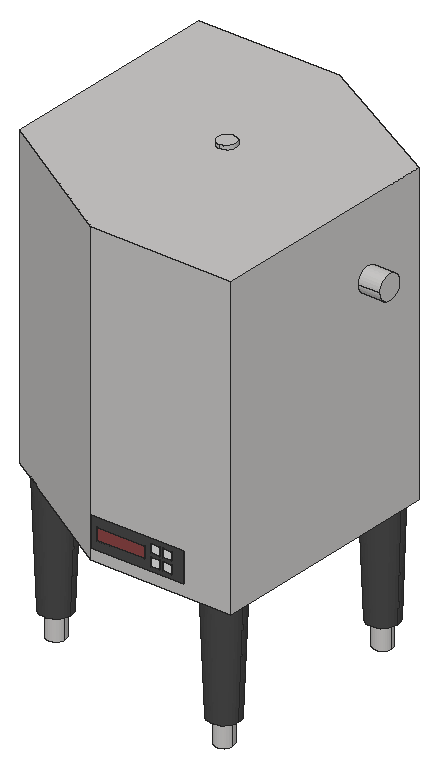
Revit family "QF_Hubbell_J3_cat", category Specialty Equipment, Revit 2012
Parameters (values of type "Requires Type Catalog QF_Hubbell_J4_cat.txt")
  Width = 0' - 11 3/4"
  Weight in Pounds = 95
  Watts = 1000 W
  Watermarked By = "http://revitwatermark.com"
  Volts = 120 V
  URL Cutsheet = ""
  URL = "www.hubbellheaters.com"
  Status [instance] = ""
  Specification by User [instance] = ""
  Specification by Manufacturer [instance] = ""
  Serial Number [instance] = ""
  Revision Code [instance] = ""
  Plumbing Remarks [instance] = ""
  Plumbing Connection Type [instance] = ""
  Phase = 1
  Number of Poles [instance] = 1
  NAFEM Spec ID Number [instance] = ""
  Model = "-"
  Min Ckt Ampacity = 10 A
  Masterspec [instance] = ""
  Manufacturer = "Hubbell"  # constant formula
  Leg Depth Separation = 0' - 10 1/2"
  Item Number [instance] = "-"
  Installed By [instance] = ""
  Hot Water Temperature [instance] = 140 °F
  Hot Water Size = 3/4"
  Hot Water RI Height [instance] = 0' - 0"
  Hot Water Minimum Pressure = 20.00 psi
  Hot Water Maximum Pressure = 75.00 psi
  Hot Water Flow = 0.00 GPM
  Hot Water Consumption = 0.00 GPM
  Hot Water Connection Height = 0' - 9 5/16"
  Height = 1' - 6 1/2"
  Furnished By [instance] = ""
  Foodservice Equipment Identifier = yes
  FL Amps = 10 A
  Electrical Remarks [instance] = ""
  Electric Connection Type [instance] = ""
  Elec Conn RI Height [instance] = 0' - 0"
  Elec Conn Connection Height = 0' - 7 5/16"
  Description = "Electric Booster Heater"
  Overall Depth = 1' - 1"
  Cycle = 60 Hz
  Conn Conduit = yes
  CSI MasterFormat = "11 40 00"
  Box Depth = 1' - 1"
  Assembly Code = "E1090320"
  Apparent Power = if(Phase = 3, Volts * FL Amps * 1.73, Volts * FL Amps)  # 1200 VA
Reference planes (in)
  plane 1 "BACK": y = 0
  plane 2: z = 0
  plane 3 "LEFT": x = -19.72626
  plane 4 "RIGHT": x = -7.97626
  plane 5 "FRONT": y = -13
  plane 6 "Bottom": z = 6
  plane 7 "TOP": z = 18.5
  plane 8 "Back of Box": y = 0
  plane 9: z = 8.125
  plane 10 "Rear Legs": y = -1
  plane 11 "Front Legs": y = -11.5
  plane 12 "Right Legs": x = -9.47626
  plane 13 "Left Legs": x = -18.22626
  plane 14 "Front of Box": y = -12.5625
  plane 15 "Relief Valve Elev": z = 15.5
  plane 16 "HW Out Elev": z = 17.5
  plane 17 "HW In Elev": z = 9.625
  plane 18 "Relief Valve": x = -9.97626
  plane 19: x = -13.85126
  plane 20: y = -9.375
  plane 21: y = -3.1875
  plane 22: y = -5.875
Forms (in)
  Extrusion 1, solid, material "QF_Finishes_Stainless Steel"
    sketch origin (0, 0, 0) x (1, 0, 0) y (0, 1, 0)
      loop
        circle (-18.22626, -1) r 0.375
      loop
        circle (-9.47626, -3.1875) r 0.375
      loop
        circle (-18.22626, -9.375) r 0.375
      loop
        circle (-9.47626, -11.5) r 0.375
    from 0 to 1
  Blend 2, solid, material "QF_Finishes_Black"
    base sketch origin (0, 0, 0) x (1, 0, 0) y (0, 1, 0)
      loop
        circle (-18.22626, -1) r 0.625
    top sketch origin (0, 0, 0) x (1, 0, 0) y (0, 1, 0)
      loop
        circle (-18.22626, -1) r 0.8125
    from 1 to 6
  Blend 3, solid, material "QF_Finishes_Black"
    base sketch origin (10, -2.1875, 0) x (1, 0, 0) y (0, 1, 0)
      loop
        circle (-19.47626, -1) r 0.625
    top sketch origin (10, -2.1875, 0) x (1, 0, 0) y (0, 1, 0)
      loop
        circle (-19.47626, -1) r 0.8125
    from 1 to 6
  Blend 4, solid, material "QF_Finishes_Black"
    base sketch origin (10, -14.125, 0) x (1, 0, 0) y (0, 1, 0)
      loop
        circle (-19.47626, 2.625) r 0.625
    top sketch origin (10, -14.125, 0) x (1, 0, 0) y (0, 1, 0)
      loop
        circle (-19.47626, 2.625) r 0.8125
    from 1 to 6
  Blend 5, solid, material "QF_Finishes_Black"
    base sketch origin (0, -12, 0) x (1, 0, 0) y (0, 1, 0)
      loop
        circle (-18.22626, 2.625) r 0.625
    top sketch origin (0, -12, 0) x (1, 0, 0) y (0, 1, 0)
      loop
        circle (-18.22626, 2.625) r 0.8125
    from 1 to 6
  Extrusion 6, solid, material "QF_Finishes_Stainless Steel"
    sketch origin (0, 0, 6) x (0, 1, 0) y (-1, 0, 0)
      loop
        line (0, 19.72626) -> (-9.375, 19.72626) -> (-13, 13.85126) -> (-13, 7.97626) -> (-3.1875, 7.97626) -> (0, 13.85126) -> (0, 19.72626)
    from 0 to 12.5
  Extrusion 7, solid, material "QF_Finishes_Stainless Steel"
    sketch origin (-7.97626, 0, 0) x (0, 1, 0) y (0, 0, 1)
      loop
        circle (-5.875, 15.5) r 0.5
    from 0 to 0.94581
  Extrusion 8, solid, material "QF_Finishes_Stainless Steel"
    sketch origin (0, 0, 18.5) x (0, 1, 0) y (-1, 0, 0)
      loop
        circle (-5.875, 13.85126) r 0.375
    from 0 to 0.14688
  Extrusion 9, solid, material "QF_Finishes_Stainless Steel"
    sketch origin (0, 0, 6) x (0, 1, 0) y (-1, 0, 0)
      loop
        circle (-5.875, 13.85126) r 0.375
    from 0 to -0.18062
  Extrusion 10, void
    sketch origin (0, -12.5625, 0) x (1, 0, 0) y (0, 0, 1)
      loop
        line (-13.85126, 7.6875) -> (-13.85126, 6.4375) -> (-9.97626, 6.4375) -> (-9.97626, 7.6875) -> (-13.85126, 7.6875)
    from 0.3125 to 0.4375
  Extrusion 11, solid, material "QF_Finishes_Black"
    sketch origin (0, -12.5625, 0) x (1, 0, 0) y (0, 0, 1)
      loop
        line (-9.97626, 7.6875) -> (-13.85126, 7.6875) -> (-13.85126, 6.4375) -> (-9.97626, 6.4375) -> (-9.97626, 7.6875)
      loop
        line (-10.47626, 7.125) -> (-10.47626, 7.5) -> (-10.85126, 7.5) -> (-10.85126, 7.125) -> (-10.47626, 7.125)
      loop
        line (-10.47626, 6.625) -> (-10.47626, 7) -> (-10.85126, 7) -> (-10.85126, 6.625) -> (-10.47626, 6.625)
      loop
        line (-10.97626, 7.125) -> (-10.97626, 7.5) -> (-11.35126, 7.5) -> (-11.35126, 7.125) -> (-10.97626, 7.125)
      loop
        line (-10.97626, 6.625) -> (-10.97626, 7) -> (-11.35126, 7) -> (-11.35126, 6.625) -> (-10.97626, 6.625)
      loop
        line (-11.60126, 7.3125) -> (-13.60126, 7.3125) -> (-13.60126, 6.8125) -> (-11.60126, 6.8125) -> (-11.60126, 7.3125)
    from 0.4375 to 0.32274
  Extrusion 12, solid, material "QF_Finishes_LED - Red Off"
    sketch origin (0, -12.5625, 0) x (1, 0, 0) y (0, 0, 1)
      loop
        line (-13.60126, 7.3125) -> (-13.60126, 6.8125) -> (-11.60126, 6.8125) -> (-11.60126, 7.3125) -> (-13.60126, 7.3125)
    from 0.4375 to 0.32274
  Extrusion 13, solid, material "QF_Finishes_White"
    sketch origin (0, -12.5625, 0) x (1, 0, 0) y (0, 0, 1)
      loop
        line (-11.35126, 7.5) -> (-11.35126, 7.125) -> (-10.97626, 7.125) -> (-10.97626, 7.5) -> (-11.35126, 7.5)
      loop
        line (-10.85126, 7.125) -> (-10.47626, 7.125) -> (-10.47626, 7.5) -> (-10.85126, 7.5) -> (-10.85126, 7.125)
      loop
        line (-11.35126, 7) -> (-11.35126, 6.625) -> (-10.97626, 6.625) -> (-10.97626, 7) -> (-11.35126, 7)
      loop
        line (-10.85126, 7) -> (-10.85126, 6.625) -> (-10.47626, 6.625) -> (-10.47626, 7) -> (-10.85126, 7)
    from 0.32274 to 0.4375
Cuts and joins
  Extrusion 10 cuts Extrusion 6
Lines and regions (in)
  symbolic lines, style "SpecialityEquipmentHiddenLines"
    curve 1: line (-19.72626, 0, 6) -> (-13.85126, 0, 6)
    curve 2: line (-13.85126, 0, 6) -> (-7.97626, -3.1875, 6)
    curve 3: line (-7.97626, -3.1875, 6) -> (-7.97626, -13, 6)
    curve 4: line (-7.97626, -13, 6) -> (-13.85126, -13, 6)
    curve 5: line (-13.85126, -13, 6) -> (-19.72626, -9.375, 6)
    curve 6: line (-19.72626, -9.375, 6) -> (-19.72626, 0, 6)
Dimensions and locks (in)
  "Width": plane 4 "RIGHT" to plane 3 "LEFT"
  "Overall Depth": plane 5 "FRONT" to plane 1 "BACK"
  "Box Depth": plane 5 "FRONT" to plane 8 "Back of Box"
  locked: plane 9 to plane 6 "Bottom" at 2.125
  locked: plane 6 "Bottom" to level at 6
  "Height": plane 7 "TOP" to level
  locked: plane 3 "LEFT" to plane 13 "Left Legs" at 1.5
  locked: plane 12 "Right Legs" to plane 4 "RIGHT" at 1.5
  locked: plane 10 "Rear Legs" to plane 8 "Back of Box" at 1
  "Leg Depth Separation": plane 10 "Rear Legs" to plane 11 "Front Legs"
  plane 5 "FRONT" to plane 14 "Front of Box" = 0' - 0 7/16"
  plane 15 "Relief Valve Elev" to plane 6 "Bottom" = 0' - 9 1/2"
  locked: plane 16 "HW Out Elev" to plane 15 "Relief Valve Elev" at 2
  locked: plane 16 "HW Out Elev" to plane 17 "HW In Elev" at 7.875
  locked: plane 3 "LEFT" to plane 19 at 5.875
  locked: plane 20 to plane 8 "Back of Box" at 9.375
  locked: plane 14 "Front of Box" to plane 21 at 9.375
  locked: plane 8 "Back of Box" to plane 22 at 5.875
  locked: plane 4 "RIGHT" to Extrusion 7 at 0.94581
  locked: Extrusion 8 to plane 7 "TOP" at 0.14688
  locked: Extrusion 9 to plane 6 "Bottom" at 0.18062
  aligned and locked: level to plane 2
  aligned and locked: plane 6 "Bottom" to Blend 2
  aligned and locked: plane 7 "TOP" to Extrusion 6
Automatic sketch dimensions
  Extrusion 1 sketch curve to plane 13 "Left Legs" = 0' - 0"  (x2)
  Extrusion 1 sketch curve to plane 10 "Rear Legs" = 0' - 0"
  Extrusion 1 sketch curve to plane 11 "Front Legs" = 0' - 0"
  Extrusion 1 sketch curve to plane 12 "Right Legs" = 0' - 0"  (x2)
  Extrusion 1 sketch curve to plane 20 = 0' - 0"
  Extrusion 1 sketch curve to plane 21 = 0' - 0"
  Blend 2 sketch curve to plane 10 "Rear Legs" = 0' - 0"  (x2)
  Blend 2 sketch curve to plane 13 "Left Legs" = 0' - 0"  (x2)
  Blend 3 sketch curve to plane 12 "Right Legs" = 0' - 0"  (x2)
  Blend 3 sketch curve to plane 21 = 0' - 0"  (x2)
  Blend 4 sketch curve to plane 11 "Front Legs" = 0' - 0"  (x2)
  Blend 4 sketch curve to plane 12 "Right Legs" = 0' - 0"  (x2)
  Blend 5 sketch curve to plane 13 "Left Legs" = 0' - 0"  (x2)
  Blend 5 sketch curve to plane 20 = 0' - 0"  (x2)
  Extrusion 6 sketch curve to plane 4 "RIGHT" = 0' - 0"
  plane 5 "FRONT" to Extrusion 6 sketch curve = 0' - 0"
  Extrusion 6 sketch curve to plane 3 "LEFT" = 0' - 0"
  Extrusion 6 sketch curve to plane 20 = 0' - 0"
  Extrusion 6 sketch curve to plane 21 = 0' - 0"
  plane 1 "BACK" to Extrusion 6 sketch curve = 0' - 0"
  Extrusion 6 sketch curve to plane 19 = 0' - 0"  (x2)
  Extrusion 7 sketch curve to plane 15 "Relief Valve Elev" = 0' - 0"
  Extrusion 7 sketch curve to plane 22 = 0' - 0"
  Extrusion 8 sketch curve to plane 19 = 0' - 0"
  plane 22 to Extrusion 8 sketch curve = 0' - 0"
  Extrusion 9 sketch curve to plane 19 = 0' - 0"
  plane 22 to Extrusion 9 sketch curve = 0' - 0"
  curve 4 to plane 4 "RIGHT" = 0' - 0"
  plane 5 "FRONT" to curve 4 = 0' - 0"
  curve 6 to plane 3 "LEFT" = 0' - 0"
  curve 6 to plane 20 = 0' - 0"
  curve 2 to plane 21 = 0' - 0"
  plane 1 "BACK" to curve 1 = 0' - 0"
  curve 1 to plane 19 = 0' - 0"
  curve 5 to plane 19 = 0' - 0"
  Extrusion 10 sketch curve to plane 19 = 0' - 0"
  Extrusion 10 sketch curve to plane 18 "Relief Valve" = 0' - 0"
  plane 6 "Bottom" to Extrusion 10 sketch curve = 0' - 0 7/16"
  Extrusion 10 sketch curve to plane 9 = 0' - 0 7/16"
  Extrusion 11 sketch curve to plane 19 = 0' - 0"
  Extrusion 11 sketch curve to plane 18 "Relief Valve" = 0' - 0"
  plane 19 to Extrusion 11 sketch curve = 0' - 0 1/4"
  plane 6 "Bottom" to Extrusion 11 sketch curve = 0' - 0 13/16"
  Extrusion 11 sketch curve to plane 18 "Relief Valve" = 0' - 1 5/8"
  Extrusion 11 sketch curve to Extrusion 11 sketch curve = 0' - 0 1/4"
  Extrusion 11 sketch curve to Extrusion 11 sketch curve = 0' - 0"  (x6)
  Extrusion 11 sketch curve to Extrusion 11 sketch curve = 0' - 0 3/8"  (x3)
  Extrusion 11 sketch curve to Extrusion 11 sketch curve = 0' - 0 1/8"  (x3)
  plane 6 "Bottom" to Extrusion 11 sketch curve = 0' - 0 5/8"
  plane 6 "Bottom" to Extrusion 11 sketch curve = 0' - 0 7/16"
  Extrusion 11 sketch curve to Extrusion 11 sketch curve = 0' - 0 3/16"  (x2)
  Extrusion 11 sketch curve to Extrusion 11 sketch curve = 0' - 0 1/2"
  Extrusion 11 sketch curve to plane 9 = 0' - 0 7/16"
  plane 19 to Extrusion 12 sketch curve = 0' - 0 1/4"
  plane 6 "Bottom" to Extrusion 12 sketch curve = 0' - 0 13/16"
  Extrusion 12 sketch curve to plane 18 "Relief Valve" = 0' - 1 5/8"
  Extrusion 12 sketch curve to Extrusion 12 sketch curve = 0' - 0 1/2"
  Extrusion 13 sketch curve to plane 9 = 0' - 0 5/8"
  Extrusion 13 sketch curve to plane 18 "Relief Valve" = 0' - 1 3/8"
  Extrusion 13 sketch curve to Extrusion 13 sketch curve = 0' - 0"  (x6)
  Extrusion 13 sketch curve to Extrusion 13 sketch curve = 0' - 0 3/8"  (x5)
  Extrusion 13 sketch curve to Extrusion 13 sketch curve = 0' - 0 1/8"  (x3)
  radius of Extrusion 1 sketch curve = 0' - 0 3/8"  (x4)
  radius of Blend 2 sketch curve = 0' - 0 5/8"
  radius of Blend 2 sketch curve = 0' - 0 13/16"
  radius of Blend 3 sketch curve = 0' - 0 5/8"
  radius of Blend 3 sketch curve = 0' - 0 13/16"
  radius of Blend 4 sketch curve = 0' - 0 5/8"
  radius of Blend 4 sketch curve = 0' - 0 13/16"
  radius of Blend 5 sketch curve = 0' - 0 5/8"
  radius of Blend 5 sketch curve = 0' - 0 13/16"
  radius of Extrusion 7 sketch curve = 0' - 0 1/2"
  radius of Extrusion 8 sketch curve = 0' - 0 3/8"
  radius of Extrusion 9 sketch curve = 0' - 0 3/8"
Connectors (in)
  piping at (-13.85126, -5.875, 18.64688), driven by "Hot Water Flow"
    settings: on Extrusion 8, index 1, connector radius 3/8", flow factor 0, pipe flow 0.00 GPM, pressure drop 0.00 psi, fitting loss kfactor 0, connector angle 0.00°, fixture units 0, engagement length 0' - 0", flow configuration 1, flow direction 2, fitting loss method 0, system type 19, joint type 0, gender type 0, connector reference index -1, connector utility 0, adjustable connector no, is connector primary yes, fitting loss table "", connector description "Hot Water Outlet"
  piping at (-13.85126, -5.875, 5.81938), driven by "Hot Water Flow"
    settings: on Extrusion 9, index 2, connector radius 3/8", flow factor 0, pipe flow 0.00 GPM, pressure drop 0.00 psi, fitting loss kfactor 0, connector angle 0.00°, fixture units 0, engagement length 0' - 0", flow configuration 1, flow direction 1, fitting loss method 0, system type 19, joint type 0, gender type 0, connector reference index -1, connector utility 0, adjustable connector no, is connector primary no, fitting loss table "", connector description "Hot Water Inlet"
  electrical at (-13.85126, -6.42708, 6), driven by "Number of Poles", driven by "Volts", driven by "Apparent Power"
    settings: on Extrusion 6, index 3, voltage 120 V, apparent load 1200 VA, apparent load phase1 0 VA, apparent load phase2 0 VA, apparent load phase3 0 VA, power factor 1, load classification "Other", number of poles 1, system type 30, power factor state 1, is connector primary yes, connector utility no, sub classification motor no, connector description "Power for Booster"
